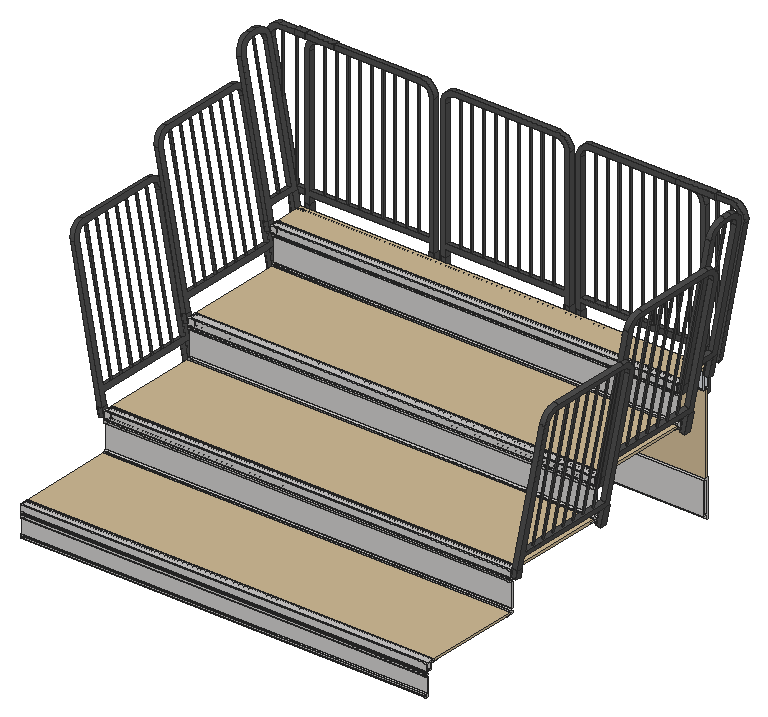
Revit family "Bleacher-Telescopic-Hussey-MAXAM_Plus-Portable-Simplified", category Specialty Equipment, Revit 2023 (continued)
Definition of nested family "Metro Chair-Single Row Array-Simplified"
  Definition of nested family "Metro Chair-Folded-Simplified"
    Automatic sketch dimensions
      level to curve 151 = 0' - 1.3279"
      curve 151 to curve 138 = 0' - 0"
      level to curve 151 = 0' - 1.40769"
      curve 151 to curve 138 = 0' - 0.0276"
      curve 144 to plane 6 "Host Level Offset Bottom" = 0' - 3.01073"
      curve 144 to curve 136 = 0' - 2.83816"
      curve 48 to curve 151 = 0' - 0.86035"
      curve 121 to curve 144 = 0' - 2.50621"
      curve 121 to curve 64 = 0' - 0.78114"
      curve 120 to curve 121 = 0' - 0"
      curve 126 to curve 121 = 0' - 0.50508"
      curve 65 to curve 48 = 0' - 1.43202"
      curve 78 to curve 65 = 0' - 0.00021"
      curve 120 to curve 140 = 0' - 3.55256"
      curve 72 to level = 0' - 0.46649"
      curve 72 to curve 65 = 0' - 0.17003"
      curve 126 to curve 121 = 0' - 1.02353"
      curve 129 to curve 126 = 0' - 0"
      level to curve 66 = 0' - 0.295"
      curve 66 to curve 72 = 0' - 0.30991"
      level to curve 47 = 0' - 0.29329"
      curve 47 to curve 66 = 0' - 0.00402"
      curve 66 to curve 66 = 0' - 0.18847"
      curve 67 to curve 66 = 0' - 0.25298"
      curve 72 to level = 0' - 0.2455"
      curve 78 to curve 66 = 0' - 0.31209"
      curve 66 to curve 78 = 0' - 0"
      curve 67 to curve 67 = 0' - 0.20132"
      curve 27 to curve 67 = 0' - 0"
      curve 76 to level = 0' - 0.33448"
      curve 76 to curve 72 = 0' - 0.23363"
      curve 70 to level = 0' - 0.89072"
      curve 70 to curve 76 = 0' - 0.05566"
      plane 7 "Host Level Offset Top" to curve 122 = 0' - 1.451"
      curve 122 to curve 126 = 0' - 0.88457"
      level to curve 63 = 0' - 0.92599"
      curve 63 to curve 67 = 0' - 0.40485"
      level to curve 63 = 0' - 0.96235"
      curve 63 to curve 63 = 0' - 0.0147"
      curve 26 to curve 63 = 0' - 0.0608"
      curve 65 to curve 26 = 0' - 0.00275"
      curve 73 to curve 26 = 0' - 0.01554"
      curve 71 to curve 76 = 0' - 0.23363"
      level to curve 76 = 0' - 0.84223"
      curve 76 to curve 65 = 0' - 0.22642"
      curve 73 to curve 27 = 0' - 0.71712"
      curve 73 to curve 76 = 0' - 0.55295"
      curve 122 to curve 126 = 0' - 1.92498"
      curve 121 to curve 122 = 0' - 0"
      curve 74 to curve 71 = 0' - 1.09878"
      curve 126 to curve 121 = 0' - 0.47817"
      curve 125 to curve 126 = 0' - 0.03453"
      curve 123 to curve 125 = 0' - 0.02477"
      level to curve 75 = 0' - 0.85591"
      curve 75 to curve 73 = 0' - 0.78986"
      curve 122 to curve 123 = 0' - 0.24034"
      plane 7 "Host Level Offset Top" to curve 124 = 0' - 2.67459"
      curve 124 to curve 125 = 0' - 0.31245"
      curve 123 to curve 124 = 0' - 0.02493"
      plane 7 "Host Level Offset Top" to curve 124 = 0' - 2.87768"
      curve 124 to curve 123 = 0' - 0"
      curve 69 to curve 74 = 0' - 1.52678"
      curve 69 to curve 70 = 0' - 0.17797"
      curve 69 to curve 69 = 0' - 0.46726"
      curve 68 to level = 0' - 0.03388"
      curve 68 to curve 69 = 0' - 0.62285"
      plane 5 "Front" to curve 20 = 0' - 0 1/16"
      curve 24 to plane 24 "Attachment to Riser" = 0' - 0 1/16"
      curve 19 to plane 24 "Attachment to Riser" = 0' - 0 1/16"
      plane 24 "Attachment to Riser" to curve 46 = 2' - 4.98618"
      curve 46 to curve 26 = 0' - 0.00098"
      curve 26 to curve 27 = 0' - 0.04541"
      curve 26 to curve 46 = 0' - 0.002"
      curve 64 to curve 140 = 1' - 0.0722"
      curve 94 to level = 0' - 2.54532"
      curve 70 to curve 68 = 0' - 0.2893"
      curve 74 to level = 0' - 0.63718"
      curve 4 to curve 6 = 0' - 0.4867"
      level to curve 141 = 0' - 0.79859"
      curve 5 to curve 7 = 0' - 0.26152"
      curve 102 to curve 87 = 0' - 0.06224"
      curve 103 to curve 102 = 0' - 0.05888"
      curve 7 to curve 15 = 0' - 0.56797"
      curve 16 to curve 19 = 0' - 0 1/16"
      curve 62 to curve 64 = 0' - 0.55614"
      curve 19 to curve 18 = 0' - 0 15/16"
      curve 60 to curve 62 = 0' - 0.2554"
      curve 101 to curve 104 = 0' - 0.04309"
      curve 115 to curve 119 = 0' - 0.58086"
      curve 104 to curve 100 = 0' - 0.04355"
      curve 130 to curve 131 = 0' - 0.09299"
      curve 115 to curve 114 = 0' - 0.2362"
      curve 131 to curve 134 = 0' - 0.25676"
      curve 113 to curve 113 = 0' - 0.23146"
      curve 119 to curve 115 = 0' - 0.00397"
      curve 116 to curve 115 = 0' - 0.00158"
      curve 112 to curve 112 = 0' - 0.58957"
      curve 112 to curve 111 = 0' - 0.00477"
      curve 18 to curve 9 = 0' - 1 3/8"
      curve 111 to curve 133 = 0' - 0.38526"
      curve 111 to curve 133 = 0' - 0.39744"
      curve 134 to curve 110 = 0' - 1.4067"
      curve 85 to curve 109 = 0' - 1.70877"
      curve 9 to curve 24 = 0' - 0 5/8"
      curve 109 to curve 127 = 0' - 0.22059"
      curve 110 to curve 132 = 0' - 0.3523"
      curve 94 to curve 80 = 0' - 0.73457"
      curve 84 to curve 82 = 0' - 0.02464"
      curve 121 to curve 129 = 0' - 1.2907"
      curve 94 to curve 98 = 0' - 0.23274"
      curve 132 to curve 13 = 0' - 0.18433"
      curve 80 to curve 79 = 0' - 0.21879"
      curve 82 to curve 80 = 0' - 0.06944"
      curve 98 to curve 99 = 0' - 0 19/128"
      curve 123 to curve 125 = 0' - 0.20177"
      curve 9 to curve 10 = 0' - 1 3/8"
      curve 23 to curve 22 = 0' - 0 15/16"
      curve 21 to curve 14 = 0' - 0 1/16"
      curve 10 to curve 12 = 0' - 0 1/4"
      level to curve 149 = 0' - 1.40769"
      plane 26 to curve 149 = 1' - 6.66057"
      curve 149 to curve 148 = 0' - 0.11721"
      curve 149 to curve 148 = 0' - 0"
      curve 149 to curve 149 = 0' - 0.11905"
      curve 150 to curve 148 = 0' - 0"
      plane 6 "Host Level Offset Bottom" to curve 148 = 0' - 3.84649"
      curve 150 to plane 6 "Host Level Offset Bottom" = 0' - 4.69744"
      curve 148 to curve 150 = 0' - 1.80319"
      level to curve 150 = 0' - 2.49508"
      curve 149 to curve 150 = 0' - 2.55721"
    Nested families (in)
      nested 1: "Metro Chair-2D Plan" at (-109.5, -12, 12), type "Metro Chair-2D Plan"
    Definition of nested family "Metro Chair-2D Plan"
      Parameters
        Default Elevation = 0' - 0"
        Created By = "Revitus"  # constant formula
        Creator URL = "http://www.revituspro.com/"
      Reference planes (in)
        plane 1 "Center (Front/Back)": y = 0
        plane 2: z = 0
        plane 3 "Center (Left/Right)": x = 0
      Lines and regions (in)
        Masking region 1
          outline origin (109.57707, 11.99477, 0) x (1, 0, 0) y (0, 1, 0)
            loop
              arc (-114.44926, -8.83618) -> (-115.08126, -8.94929) -> (-115.70753, -9.0907) r 14.27785
              arc (-115.70753, -9.0907) -> (-116.20556, -9.23429) -> (-116.68883, -9.42164) r 5.81636
              arc (-116.68883, -9.42164) -> (-117.011, -9.59758) -> (-117.29313, -9.83243) r 1.89191
              arc (-117.29313, -9.83243) -> (-117.46059, -10.07738) -> (-117.54238, -10.36259) r 0.93009
              arc (-117.54238, -10.36259) -> (-117.55749, -10.5444) -> (-117.57095, -10.72635) r 20.12699
              arc (-117.57095, -10.72635) -> (-117.64499, -12.08845) -> (-117.89752, -13.42899) r 10.34978
              arc (-117.89752, -13.42899) -> (-117.97658, -13.7437) -> (-118.05726, -14.05799) r 63.50731
              line (-118.05726, -14.05799) -> (-118.08112, -14.15075)
              arc (-118.08112, -14.15075) -> (-118.14175, -14.38729) -> (-118.20133, -14.6241) r 54.94124
              arc (-118.20133, -14.6241) -> (-118.26569, -14.90445) -> (-118.31945, -15.18701) r 7.64437
              arc (-118.31945, -15.18701) -> (-118.40719, -15.84832) -> (-118.46583, -16.51284) r 15.2029
              line (-118.46583, -16.51284) -> (-118.4805, -16.69575) -> (-118.50241, -16.95935) -> (-118.53395, -17.335)
              arc (-118.53395, -17.335) -> (-118.457, -17.48387) -> (-118.30054, -17.54391) r 0.23557
              line (-118.30054, -17.54391) -> (-117.18551, -17.53971)
              arc (-117.18551, -17.53971) -> (-117.00993, -17.46042) -> (-116.94956, -17.27747) r 0.23949
              arc (-116.94956, -17.27747) -> (-116.95084, -17.04557) -> (-116.94811, -16.81367) r 13.38597
              arc (-116.94811, -16.81367) -> (-116.90069, -16.27266) -> (-116.81229, -15.73681) r 7.14097
              arc (-116.81229, -15.73681) -> (-116.66021, -15.11684) -> (-116.44157, -14.51709) r 5.85858
              arc (-116.44157, -14.51709) -> (-116.36868, -14.35986) -> (-116.28861, -14.20616) r 3.75283
              arc (-116.28861, -14.20616) -> (-116.00556, -14.05744) -> (-115.70156, -13.95837) r 1.89664
              arc (-115.70156, -13.95837) -> (-115.42559, -13.88799) -> (-115.1478, -13.82518) r 10.42316
              arc (-115.1478, -13.82518) -> (-114.81268, -13.75676) -> (-114.47641, -13.69417) r 19.68683
              arc (-114.47641, -13.69417) -> (-114.06818, -13.62437) -> (-113.65908, -13.55986) r 31.98673
              arc (-113.65908, -13.55986) -> (-113.11985, -13.48242) -> (-112.57949, -13.4133) r 35.32242
              arc (-112.57949, -13.4133) -> (-111.80159, -13.32905) -> (-111.02176, -13.26518) r 29.90804
              arc (-111.02176, -13.26518) -> (-110.29984, -13.2277) -> (-109.57707, -13.21444) r 21.56131
              arc (-109.57707, -13.21444) -> (-108.8543, -13.2277) -> (-108.13238, -13.26518) r 21.56131
              arc (-108.13238, -13.26518) -> (-107.35254, -13.32905) -> (-106.57464, -13.4133) r 29.90804
              arc (-106.57464, -13.4133) -> (-106.03429, -13.48242) -> (-105.49506, -13.55986) r 35.32242
              arc (-105.49506, -13.55986) -> (-105.08596, -13.62437) -> (-104.67772, -13.69417) r 31.98673
              arc (-104.67772, -13.69417) -> (-104.34146, -13.75676) -> (-104.00633, -13.82518) r 19.68683
              arc (-104.00633, -13.82518) -> (-103.72854, -13.88799) -> (-103.45258, -13.95837) r 10.42316
              arc (-103.45258, -13.95837) -> (-103.14857, -14.05744) -> (-102.86553, -14.20616) r 1.89664
              arc (-102.86553, -14.20616) -> (-102.78546, -14.35986) -> (-102.71256, -14.51709) r 3.75283
              arc (-102.71256, -14.51709) -> (-102.49393, -15.11684) -> (-102.34184, -15.73681) r 5.85858
              arc (-102.34184, -15.73681) -> (-102.25344, -16.27266) -> (-102.20603, -16.81367) r 7.14097
              arc (-102.20603, -16.81367) -> (-102.20329, -17.04557) -> (-102.20457, -17.27747) r 13.38597
              arc (-102.20457, -17.27747) -> (-102.1442, -17.46042) -> (-101.96863, -17.53971) r 0.23949
              line (-101.96863, -17.53971) -> (-100.8536, -17.54391)
              arc (-100.8536, -17.54391) -> (-100.69714, -17.48387) -> (-100.62018, -17.335) r 0.23557
              line (-100.62018, -17.335) -> (-100.65173, -16.95935) -> (-100.67363, -16.69575) -> (-100.6883, -16.51284)
              arc (-100.6883, -16.51284) -> (-100.74694, -15.84832) -> (-100.83468, -15.18701) r 15.2029
              arc (-100.83468, -15.18701) -> (-100.88845, -14.90445) -> (-100.95281, -14.6241) r 7.64437
              arc (-100.95281, -14.6241) -> (-101.01238, -14.38729) -> (-101.07301, -14.15075) r 54.94124
              line (-101.07301, -14.15075) -> (-101.09687, -14.05799)
              arc (-101.09687, -14.05799) -> (-101.17755, -13.7437) -> (-101.25662, -13.42899) r 63.50731
              arc (-101.25662, -13.42899) -> (-101.50915, -12.08845) -> (-101.58318, -10.72635) r 10.34978
              arc (-101.58318, -10.72635) -> (-101.59664, -10.5444) -> (-101.61175, -10.36259) r 20.12699
              arc (-101.61175, -10.36259) -> (-101.69355, -10.07738) -> (-101.861, -9.83243) r 0.93009
              arc (-101.861, -9.83243) -> (-102.14313, -9.59758) -> (-102.4653, -9.42164) r 1.89191
              arc (-102.4653, -9.42164) -> (-102.94857, -9.23429) -> (-103.4466, -9.0907) r 5.81636
              arc (-103.4466, -9.0907) -> (-104.07288, -8.94929) -> (-104.70487, -8.83618) r 14.27785
              arc (-104.70487, -8.83618) -> (-105.42099, -8.73397) -> (-106.13987, -8.65342) r 23.97251
              arc (-106.13987, -8.65342) -> (-106.95432, -8.58448) -> (-107.77027, -8.53637) r 31.99767
              arc (-107.77027, -8.53637) -> (-108.67343, -8.50495) -> (-109.57707, -8.49477) r 38.43776
              arc (-109.57707, -8.49477) -> (-110.48071, -8.50495) -> (-111.38386, -8.53637) r 38.43776
              arc (-111.38386, -8.53637) -> (-112.19981, -8.58448) -> (-113.01427, -8.65342) r 31.99767
              arc (-113.01427, -8.65342) -> (-113.73314, -8.73397) -> (-114.44926, -8.83618) r 23.97251
            loop
              arc (-109.57707, -14.03505) -> (-112.00982, -14.13419) -> (-114.43848, -14.30649) r 80.89249
              arc (-114.43848, -14.30649) -> (-114.78323, -14.35257) -> (-115.12523, -14.4159) r 6.92664
              arc (-115.12523, -14.4159) -> (-115.74074, -14.72617) -> (-116.14273, -15.2861) r 1.4462
              arc (-116.14273, -15.2861) -> (-116.21214, -15.58271) -> (-116.25854, -15.88377) r 3.9602
              arc (-116.25854, -15.88377) -> (-116.31031, -16.70559) -> (-116.32416, -17.52892) r 17.86323
              arc (-116.32416, -17.52892) -> (-116.33953, -17.85271) -> (-116.36909, -18.17552) r 7.39074
              arc (-116.36909, -18.17552) -> (-116.49609, -18.69425) -> (-116.71446, -19.18161) r 2.9527
              arc (-116.71446, -19.18161) -> (-117.10122, -19.91263) -> (-117.25753, -20.72475) r 2.79982
              arc (-117.25753, -20.72475) -> (-117.22822, -21.15131) -> (-117.20422, -21.5782) r 34.37689
              arc (-117.20422, -21.5782) -> (-117.11629, -21.80862) -> (-116.95159, -21.99218) r 0.67622
              arc (-116.95159, -21.99218) -> (-116.37688, -22.30061) -> (-115.75605, -22.5006) r 3.60984
              arc (-115.75605, -22.5006) -> (-112.68598, -23.01834) -> (-109.57707, -23.18583) r 27.50676
              arc (-109.57707, -23.18583) -> (-106.46816, -23.01834) -> (-103.39809, -22.5006) r 27.50676
              arc (-103.39809, -22.5006) -> (-102.77726, -22.30061) -> (-102.20255, -21.99218) r 3.60984
              arc (-102.20255, -21.99218) -> (-102.03784, -21.80862) -> (-101.94991, -21.5782) r 0.67622
              arc (-101.94991, -21.5782) -> (-101.92591, -21.15131) -> (-101.8966, -20.72475) r 34.37689
              arc (-101.8966, -20.72475) -> (-102.05292, -19.91263) -> (-102.43967, -19.18161) r 2.79982
              arc (-102.43967, -19.18161) -> (-102.65804, -18.69425) -> (-102.78505, -18.17552) r 2.9527
              arc (-102.78505, -18.17552) -> (-102.8146, -17.85271) -> (-102.82998, -17.52892) r 7.39074
              arc (-102.82998, -17.52892) -> (-102.84382, -16.70559) -> (-102.89559, -15.88377) r 17.86323
              arc (-102.89559, -15.88377) -> (-102.942, -15.58271) -> (-103.0114, -15.2861) r 3.9602
              arc (-103.0114, -15.2861) -> (-103.41339, -14.72617) -> (-104.0289, -14.4159) r 1.4462
              arc (-104.0289, -14.4159) -> (-104.37091, -14.35257) -> (-104.71566, -14.30649) r 6.92664
              arc (-104.71566, -14.30649) -> (-107.14432, -14.13419) -> (-109.57707, -14.03505) r 80.89249
      Dimensions and locks (in)
        aligned and locked: level to plane 2
